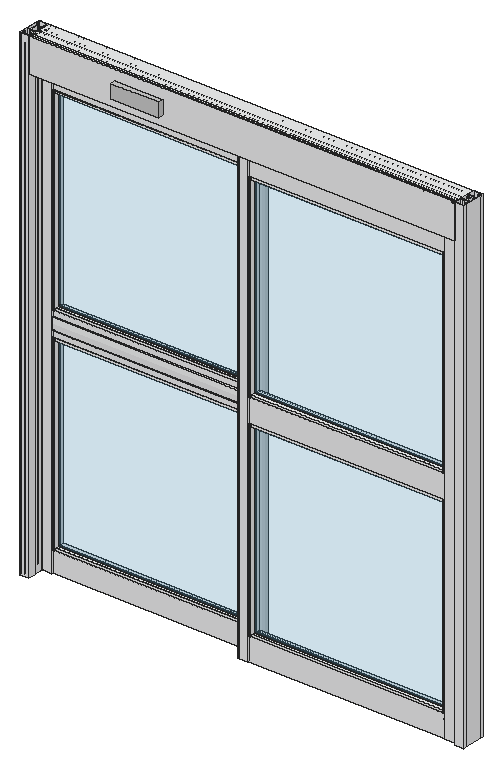
Revit family "2-5-4_Sliding-Door_TX9200SL_Single-LH-Outside-Slide-O-SX-Electric-Lock-Exit-Panic-Hardware_Tormax", category Doors, host Wall, Revit 2026
Family settings
  Host = Wall
  Classification Number = 23.30.10.00
  Always vertical = Yes
  Cut with Voids When Loaded = No
  Shared = No
  Room Calculation Point = No
Parameters (values of type "7'-0" Package Width")
  Width = 84"
  URL = "https://www.tormaxusa.com"
  Thickness = 4 1/2"  # constant formula
  Specification = "https://www.arcat.com/company/tormax-usa-inc-43969/spec"
  Rough Width = Width + 1/2"  # 84 1/2"
  Rough Height = Height + 1/4"  # 92 1/4"
  Product Page URL = "https://www.arcat.com/arcatcos/cos43/arc43969.html"
  Model = "TX9200SL"
  Manufacturer = "Tormax"
  Keynote = "08 42 29"
  Height = 92"  # constant formula
  Glass = Glass - Tormax
  Frame Projection Ext. = 0"
  Frame Projection Int. = 0"
  Frame Width = 0"
  Wall Closure = By host
  Door Width = Width / 2 - 1 3/4" + 1 5/16"  # 41 9/16"
  Door Height = Height  # 92"
  Frame Material = Aluminum - Tormax
  Description = "Single LH Outside Slide Application (O-SX) w/ Electric Lock & Flush Mount Exit Panic HDW, 7'-0\" Package Width"
  Define Thermal Properties by = Schematic Type
  Copyright = "ARCAT"
  CAD Details = "https://www.arcat.com/company/tormax-usa-inc-43969/cad"
  Analytic Construction = "<None>"
Reference planes (in)
  plane 1 "Center (Front/Back)": y = 0
  plane 2 "Center (Left/Right)": x = 0
  plane 3 "Left": x = -42.25
  plane 4 "Right": x = 42.25
  plane 5 "Top": z = 92.25
  plane 6 "Exterior": y = 3
  plane 7 "Interior": y = -3
  plane 8: x = -1.3125
  plane 9: x = 1.3125
  plane 10: y = -2.25
  plane 11 "4": z = 85.5
  plane 12: x = -42
  plane 13: x = 42
  plane 14: z = 92
  plane 15: y = 2.25
  plane 16: x = -40.24908
  plane 17: x = 40.24908
  plane 18: y = 1.433
  plane 19: y = -0.84
  plane 20: x = -19.46829
Forms (in)
  Extrusion 1, solid, material "Plastic - Tormax - Grey"
    sketch origin (0, 0, 0) x (1, 0, 0) y (0, 0, 1)
      loop
        line (-23.96829, 90.055) -> (-23.96829, 87.445) -> (-14.96829, 87.445) -> (-14.96829, 90.055) -> (-23.96829, 90.055)
    from 2.23457 to 3.23457
  Extrusion 2, solid, material "Plastic - Tormax - Grey"
    sketch origin (0, 0, 0) x (1, 0, 0) y (0, 0, 1)
      loop
        line (-23.96829, 90.055) -> (-23.96829, 87.445) -> (-14.96829, 87.445) -> (-14.96829, 90.055) -> (-23.96829, 90.055)
    from -3.23036 to -2.23036
  Sweep 3, solid, material "Aluminum - Tormax" <- "Frame Material"
    path origin (0, 0, 0) x (1, 0, 0) y (0, 0, 1)
      loop
        line (-40.24908, 85.5) -> (40.24908, 85.5)
    profile origin (0, 0, 85.5) x (0, 0, 1) y (0, -1, 0)
      loop
        line (6.5, 2.23457) -> (0, 2.23457) -> (0, -0.04489) -> (-0.21462, -0.04489) -> (-0.21462, -0.08837) -> (-0.15431, -0.08837) -> (-0.15431, -0.15851) -> (-0.48395, -0.15851) -> (-0.48395, -0.08837) -> (-0.42504, -0.08837) -> (-0.42504, -0.04489) -> (-0.62422, -0.04489) -> (-0.62422, -0.45028) -> (-0.42504, -0.45028) -> (-0.42504, -0.4068) -> (-0.48395, -0.4068) -> (-0.48395, -0.33666) -> (-0.15431, -0.33666) -> (-0.15431, -0.4068) -> (-0.21462, -0.4068) -> (-0.21462, -0.45028) -> (-0.01964, -0.45028) -> (-0.01964, -0.28897) -> (0.23145, -0.28897) -> (0.23145, -0.84785) -> (0.34867, -1.03258)
        arc (0.34867, -1.03258) -> (0.36443, -1.03854) -> (0.37455, -1.02507) r 0.01403
        line (0.37455, -1.02507) -> (0.37455, -0.21669)
        arc (0.37455, -0.21669) -> (0.40392, -0.14579) -> (0.47481, -0.11643) r 0.10026
        line (0.47481, -0.11643) -> (0.59196, -0.11643) -> (0.59196, -0.23145) -> (0.89635, -0.23145) -> (0.89635, -0.1529) -> (0.76309, -0.1529) -> (0.76309, -0.01262) -> (0.8697, -0.01262) -> (0.8697, 0.06867) -> (1.19934, 0.06867) -> (1.19934, -0.01262) -> (1.30595, -0.01262) -> (1.30595, -0.1529) -> (1.17269, -0.1529) -> (1.17269, -0.23145) -> (1.36206, -0.23145) -> (1.43332, -0.07864)
        arc (1.43332, -0.07864) -> (1.6158, 0.06179) -> (1.83569, -0.00654) r 0.25
        line (1.83569, -0.00654) -> (1.96422, -0.13365)
        arc (1.96422, -0.13365) -> (1.99627, -0.15695) -> (2.0338, -0.16963) r 0.13141
        line (2.0338, -0.16963) -> (2.11423, -0.18382)
        arc (2.11423, -0.18382) -> (2.2005, -0.23362) -> (2.23457, -0.32723) r 0.14562
        line (2.23457, -0.32723) -> (2.23457, -0.9202) -> (2.38466, -0.9202) -> (2.38466, 0.06733) -> (2.28156, 0.17043) -> (2.22615, 0.11502) -> (2.32086, 0.02032) -> (2.22127, -0.07928) -> (2.14619, -0.00421) -> (2.08868, -0.06172) -> (1.85512, 0.17184) -> (1.91264, 0.22935) -> (1.83689, 0.3051) -> (1.93648, 0.40469) -> (2.03117, 0.31001) -> (2.08658, 0.36541) -> (1.83128, 0.62071) -> (1.9456, 0.73504) -> (1.9456, 1.35354) -> (1.75483, 1.53331) -> (1.75483, 2.06344) -> (5.84651, 2.06344)
        arc (5.84651, 2.06344) -> (5.93664, 2.02611) -> (5.97397, 1.93598) r 0.12746
        line (5.97397, 1.93598) -> (5.97397, 1.7394) -> (6.05393, 1.7394) -> (6.05393, 1.87407) -> (6.1928, 1.87407) -> (6.1928, 1.76475) -> (6.24189, 1.76475) -> (6.24189, 1.43623) -> (6.1928, 1.43623) -> (6.1928, 1.3298) -> (6.05393, 1.3298) -> (6.05393, 1.46306) -> (5.97397, 1.46306) -> (5.97397, 1.25125) -> (6.27276, 1.25125) -> (6.27276, 1.32981)
        arc (6.27276, 1.32981) -> (6.30151, 1.35856) -> (6.33027, 1.32981) r 0.02876
        line (6.33027, 1.32981) -> (6.33027, 0.99434)
        arc (6.33027, 0.99434) -> (6.30151, 0.96559) -> (6.27276, 0.99434) r 0.02876
        line (6.27276, 0.99434) -> (6.27276, 1.0731) -> (5.97397, 1.0731) -> (5.97397, 0.85988) -> (6.05393, 0.85988) -> (6.05393, 0.99314) -> (6.1928, 0.99314) -> (6.1928, 0.88653) -> (6.33027, 0.88653) -> (6.33027, 0.55689) -> (6.1928, 0.55689) -> (6.1928, 0.45028) -> (6.05393, 0.45028) -> (6.05393, 0.58354) -> (5.97397, 0.58354) -> (5.97397, 0.37032) -> (6.27276, 0.37032) -> (6.27276, 0.44908)
        arc (6.27276, 0.44908) -> (6.30151, 0.47783) -> (6.33027, 0.44908) r 0.02876
        line (6.33027, 0.44908) -> (6.33027, 0.11503)
        arc (6.33027, 0.11503) -> (6.30151, 0.08627) -> (6.27276, 0.11503) r 0.02876
        line (6.27276, 0.11503) -> (6.27276, 0.19378) -> (5.97397, 0.19378) -> (5.97397, -0.01944) -> (6.05393, -0.01944) -> (6.05393, 0.11382) -> (6.1928, 0.11382) -> (6.1928, 0.00721) -> (6.33027, 0.00721) -> (6.33027, -0.32403) -> (6.1928, -0.32403) -> (6.1928, -0.42995) -> (6.05393, -0.42995) -> (6.05393, -0.29669) -> (5.97397, -0.29669) -> (5.97397, -0.53164) -> (6.03429, -0.53164) -> (6.03429, -0.64246) -> (6.11284, -0.64246) -> (6.11284, -0.53164) -> (6.25171, -0.53164) -> (6.25171, -1.15867) -> (6.06795, -1.15867) -> (6.03942, -1.11939) -> (5.97397, -1.11939) -> (5.97397, -1.1664)
        arc (5.97397, -1.1664) -> (5.95775, -1.20557) -> (5.91858, -1.22179) r 0.05539
        line (5.91858, -1.22179) -> (5.77619, -1.22179) -> (5.77619, -2.07466) -> (5.99221, -2.07466) -> (5.99221, -1.99751) -> (5.93513, -1.99751)
        arc (5.93513, -1.99751) -> (5.89217, -1.97971) -> (5.87438, -1.93675) r 0.06075
        line (5.87438, -1.93675) -> (5.87438, -1.35631) -> (6.14932, -1.35631) -> (6.14932, -1.4827) -> (6.22817, -1.4827)
        arc (6.22817, -1.4827) -> (6.39719, -1.79317) -> (6.34244, -2.14241) r 0.55026
        line (6.34244, -2.14241) -> (6.29099, -2.1562) -> (6.29099, -1.87738) -> (5.93246, -1.87738)
        arc (5.93246, -1.87738) -> (5.88314, -1.9267) -> (5.93246, -1.97602) r 0.04932
        line (5.93246, -1.97602) -> (6.03008, -1.97602) -> (6.03008, -2.10552) -> (0.40539, -2.10552) -> (0.40539, -1.68048) -> (0.28141, -1.68048) -> (0.28141, -2.23036) -> (6.5, -2.23036) -> (6.5, 1.72592) -> (6.37515, 1.85076) -> (6.37515, 2.08622)
        arc (6.37515, 2.08622) -> (6.39129, 2.10725) -> (6.41577, 2.09711) r 0.02177
        line (6.41577, 2.09711) -> (6.47243, 1.99896)
        arc (6.47243, 1.99896) -> (6.48905, 1.99208) -> (6.5, 2.00635) r 0.01477
        line (6.5, 2.00635) -> (6.5, 2.23457)
      loop
        line (0.30619, 2.06344) -> (0.30619, 1.97106) -> (0.26091, 1.94734) -> (0.26091, 1.86565) -> (0.07995, 1.86565) -> (0.07995, 0.39978) -> (0.26091, 0.39978) -> (0.26091, 0.28335) -> (0.3058, 0.2539) -> (0.3058, 0.03421) -> (0.47711, 0.03365) -> (0.7408, 0.21838) -> (1.4982, 0.21838) -> (1.69036, 0.25479) -> (1.69036, 0.66367) -> (1.33962, 0.66367) -> (1.33962, 0.89776) -> (1.41957, 0.89776) -> (1.41957, 0.76309) -> (1.55985, 0.76309) -> (1.55985, 0.8711) -> (1.75062, 0.8711) -> (1.75062, 1.20075) -> (1.55985, 1.20075) -> (1.55985, 1.30735) -> (1.41957, 1.30735) -> (1.41957, 1.17409) -> (1.33962, 1.17409) -> (1.33962, 1.38773) -> (1.5851, 1.38773) -> (1.5851, 2.06344) -> (0.30619, 2.06344)
      loop
        line (2.37204, -1.16007) -> (0.00631, -1.16007) -> (0.00631, -0.61019) -> (-0.98473, -0.61019) -> (-0.98473, -1.53213)
        arc (-0.98473, -1.53213) -> (-0.9181, -1.59876) -> (-0.85147, -1.53213) r 0.06663
        line (-0.85147, -1.53213) -> (-0.85147, -1.2004)
        arc (-0.85147, -1.2004) -> (-0.77362, -1.12255) -> (-0.69577, -1.2004) r 0.07785
        line (-0.69577, -1.2004) -> (-0.69577, -1.68329) -> (-0.67052, -1.92596) -> (-0.67052, -2.10973) -> (0.00561, -2.10973) -> (0.00561, -1.55985) -> (2.37204, -1.55985)
        arc (2.37204, -1.55985) -> (2.41952, -1.67959) -> (2.53701, -1.73239) r 0.17128
        line (2.53701, -1.73239) -> (2.78024, -1.73239) -> (2.78024, -1.49813) -> (2.70028, -1.49813) -> (2.70028, -1.63279) -> (2.56141, -1.63279) -> (2.56141, -1.52478) -> (2.46883, -1.52478) -> (2.46883, -1.19514) -> (2.56141, -1.19514) -> (2.56141, -1.08853) -> (2.70028, -1.08853) -> (2.70028, -1.22179) -> (2.78024, -1.22179) -> (2.78024, -0.98753) -> (2.53714, -0.98753)
        arc (2.53714, -0.98753) -> (2.41956, -1.04028) -> (2.37204, -1.16007) r 0.17128
  Sweep 4, solid, material "Aluminum - Tormax" <- "Frame Material"
    path origin (0, 0, 0) x (1, 0, 0) y (0, 0, 1)
      loop
        line (-42, 92) -> (-42, 0)
    profile origin (-42, 0, 46) x (0, -1, 0) y (1, 0, 0)
      loop
        line (-2.12383, 1.62444) -> (-1.01125, 1.62444)
        arc (-1.01125, 1.62444) -> (-0.97854, 1.4893) -> (-0.88136, 1.38986) r 0.2623
        line (-0.88136, 1.38986) -> (-0.88136, 0.87481)
        arc (-0.88136, 0.87481) -> (-0.81729, 0.72014) -> (-0.66261, 0.65607) r 0.21875
        line (-0.66261, 0.65607) -> (0.66817, 0.65607)
        arc (0.66817, 0.65607) -> (0.82039, 0.71912) -> (0.88344, 0.87134) r 0.21527
        line (0.88344, 0.87134) -> (0.88344, 1.39109)
        arc (0.88344, 1.39109) -> (0.97912, 1.49036) -> (1.01125, 1.62444) r 0.2623
        line (1.01125, 1.62444) -> (2.12383, 1.62444) -> (2.12383, 0.12472) -> (1.89951, 0.12472)
        arc (1.89951, 0.12472) -> (1.86945, 0.1699) -> (1.81808, 0.18738) r 0.08425
        line (1.81808, 0.18738) -> (1.71377, 0.18738)
        arc (1.71377, 0.18738) -> (1.69848, 0.15137) -> (1.70714, 0.11322) r 0.06366
        line (1.70714, 0.11322) -> (1.80734, 0.11322) -> (1.80734, 0) -> (2.25, 0) -> (2.25, 1.75092) -> (0.85905, 1.75092) -> (0.85905, 1.49159) -> (0.72205, 1.49159) -> (0.72205, 1.6564) -> (0.66591, 1.6564) -> (0.66591, 1.42631) -> (0.75855, 1.42631) -> (0.75855, 0.87892)
        arc (0.75855, 0.87892) -> (0.72992, 0.80981) -> (0.6608, 0.78118) r 0.09775
        line (0.6608, 0.78118) -> (-0.65544, 0.78118)
        arc (-0.65544, 0.78118) -> (-0.72688, 0.81077) -> (-0.75647, 0.88221) r 0.10104
        line (-0.75647, 0.88221) -> (-0.75647, 1.42631) -> (-0.65809, 1.42631) -> (-0.65809, 1.65835) -> (-0.72205, 1.65835) -> (-0.72205, 1.49159) -> (-0.85868, 1.49159) -> (-0.85868, 1.75092) -> (-2.25, 1.75092) -> (-2.25, 0) -> (-1.81515, 0) -> (-1.81515, 0.11322) -> (-1.69933, 0.11322)
        arc (-1.69933, 0.11322) -> (-1.69067, 0.15137) -> (-1.70596, 0.18738) r 0.06366
        line (-1.70596, 0.18738) -> (-1.81808, 0.18738)
        arc (-1.81808, 0.18738) -> (-1.86945, 0.1699) -> (-1.89951, 0.12472) r 0.08425
        line (-1.89951, 0.12472) -> (-2.12383, 0.12472) -> (-2.12383, 1.62444)
      loop
        line (-1.77192, 0) -> (1.76565, 0) -> (1.76565, 0.07235) -> (1.60504, 0.07235) -> (1.60504, 0.18932) -> (1.6607, 0.18932) -> (1.59241, 0.37695)
        arc (1.59241, 0.37695) -> (1.54664, 0.39829) -> (1.52529, 0.35252) r 0.03571
        line (1.52529, 0.35252) -> (1.57291, 0.22167) -> (1.53738, 0.20277) -> (1.53738, 0.07235) -> (0.63819, 0.07235) -> (0.63819, 0.55414) -> (0.55418, 0.55414) -> (0.55418, 0.07235) -> (-1.53738, 0.07235) -> (-1.53738, 0.20277) -> (-1.57291, 0.22167) -> (-1.52529, 0.35252)
        arc (-1.52529, 0.35252) -> (-1.54664, 0.39829) -> (-1.59241, 0.37695) r 0.03571
        line (-1.59241, 0.37695) -> (-1.6607, 0.18932) -> (-1.60504, 0.18932) -> (-1.60504, 0.07235) -> (-1.77192, 0.07235) -> (-1.77192, 0)
      loop
        line (-0.57123, 1.42631) -> (-0.50727, 1.42631) -> (-0.50727, 1.69246) -> (0.50727, 1.69246) -> (0.50727, 1.42631) -> (0.57123, 1.42631) -> (0.57123, 1.69246) -> (0.72205, 1.69246) -> (0.72205, 1.75092) -> (-0.72205, 1.75092) -> (-0.72205, 1.69246) -> (-0.57123, 1.69246) -> (-0.57123, 1.42631)
  Sweep 5, solid, material "Aluminum - Tormax" <- "Frame Material"
    path origin (0, 0, 0) x (-1, 0, 0) y (0, 0, -1)
      loop
        line (-42, -92) -> (-42, 0)
    profile origin (42, 0, 46) x (0, -1, 0) y (1, 0, 0)
      loop
        line (-2.12383, -1.62444) -> (-2.12383, -0.12472) -> (-1.89951, -0.12472)
        arc (-1.89951, -0.12472) -> (-1.86945, -0.1699) -> (-1.81808, -0.18738) r 0.08425
        line (-1.81808, -0.18738) -> (-1.70596, -0.18738)
        arc (-1.70596, -0.18738) -> (-1.69067, -0.15137) -> (-1.69933, -0.11322) r 0.06366
        line (-1.69933, -0.11322) -> (-1.81515, -0.11322) -> (-1.81515, 0) -> (-2.25, 0) -> (-2.25, -1.75092) -> (-0.85868, -1.75092) -> (-0.85868, -1.49159) -> (-0.72205, -1.49159) -> (-0.72205, -1.65835) -> (-0.65809, -1.65835) -> (-0.65809, -1.42631) -> (-0.75647, -1.42631) -> (-0.75647, -0.88221)
        arc (-0.75647, -0.88221) -> (-0.72688, -0.81077) -> (-0.65544, -0.78118) r 0.10104
        line (-0.65544, -0.78118) -> (0.6608, -0.78118)
        arc (0.6608, -0.78118) -> (0.72992, -0.80981) -> (0.75855, -0.87892) r 0.09775
        line (0.75855, -0.87892) -> (0.75855, -1.42631) -> (0.66591, -1.42631) -> (0.66591, -1.6564) -> (0.72205, -1.6564) -> (0.72205, -1.49159) -> (0.85905, -1.49159) -> (0.85905, -1.75092) -> (2.25, -1.75092) -> (2.25, 0) -> (1.80734, 0) -> (1.80734, -0.11322) -> (1.70714, -0.11322)
        arc (1.70714, -0.11322) -> (1.69848, -0.15137) -> (1.71377, -0.18738) r 0.06366
        line (1.71377, -0.18738) -> (1.81808, -0.18738)
        arc (1.81808, -0.18738) -> (1.86945, -0.1699) -> (1.89951, -0.12472) r 0.08425
        line (1.89951, -0.12472) -> (2.12383, -0.12472) -> (2.12383, -1.62444) -> (1.01125, -1.62444)
        arc (1.01125, -1.62444) -> (0.97912, -1.49036) -> (0.88344, -1.39109) r 0.2623
        line (0.88344, -1.39109) -> (0.88344, -0.87134)
        arc (0.88344, -0.87134) -> (0.82039, -0.71912) -> (0.66817, -0.65607) r 0.21527
        line (0.66817, -0.65607) -> (-0.66261, -0.65607)
        arc (-0.66261, -0.65607) -> (-0.81729, -0.72014) -> (-0.88136, -0.87481) r 0.21875
        line (-0.88136, -0.87481) -> (-0.88136, -1.38986)
        arc (-0.88136, -1.38986) -> (-0.97854, -1.4893) -> (-1.01125, -1.62444) r 0.2623
        line (-1.01125, -1.62444) -> (-2.12383, -1.62444)
      loop
        line (-1.77192, 0) -> (-1.77192, -0.07235) -> (-1.60504, -0.07235) -> (-1.60504, -0.18932) -> (-1.6607, -0.18932) -> (-1.59241, -0.37695)
        arc (-1.59241, -0.37695) -> (-1.54664, -0.39829) -> (-1.52529, -0.35252) r 0.03571
        line (-1.52529, -0.35252) -> (-1.57291, -0.22167) -> (-1.53738, -0.20277) -> (-1.53738, -0.07235) -> (0.55418, -0.07235) -> (0.55418, -0.55414) -> (0.63819, -0.55414) -> (0.63819, -0.07235) -> (1.53738, -0.07235) -> (1.53738, -0.20277) -> (1.57291, -0.22167) -> (1.52529, -0.35252)
        arc (1.52529, -0.35252) -> (1.54664, -0.39829) -> (1.59241, -0.37695) r 0.03571
        line (1.59241, -0.37695) -> (1.6607, -0.18932) -> (1.60504, -0.18932) -> (1.60504, -0.07235) -> (1.76565, -0.07235) -> (1.76565, 0) -> (-1.77192, 0)
      loop
        line (-0.57123, -1.42631) -> (-0.57123, -1.69246) -> (-0.72205, -1.69246) -> (-0.72205, -1.75092) -> (0.72205, -1.75092) -> (0.72205, -1.69246) -> (0.57123, -1.69246) -> (0.57123, -1.42631) -> (0.50727, -1.42631) -> (0.50727, -1.69246) -> (-0.50727, -1.69246) -> (-0.50727, -1.42631) -> (-0.57123, -1.42631)
Lines and regions (in)
  Opening 1
    outline origin (-90, -3, 0) x (1, 0, 0) y (0, 0, 1)
      loop
        line (47.75, 0) -> (132.25, 0) -> (132.25, 92.25) -> (47.75, 92.25) -> (47.75, 0)
  symbolic lines, not visible
    curve 1: line (-27.55636, -4.55425, 0) -> (-26.25733, -3.80425, 0)
    curve 2: line (-27.55636, -4.55425, 0) -> (-26.25733, -5.30425, 0)
    curve 3: line (-27.55636, -4.55425, 0) -> (-24.55636, -4.55425, 0)
    curve 4: line (-24.55636, -4.55425, 0) -> (-21.55636, -4.55425, 0)
    curve 7: line (22.54055, 0, 51.7829) -> (25.54055, 0, 51.7829)
    curve 8: line (25.54055, 0, 51.7829) -> (28.54055, 0, 51.7829)
    curve 21: line (28.54055, 0, 51.7829) -> (27.24151, 0, 52.5329)
    curve 22: line (28.54055, 0, 51.7829) -> (27.24151, 0, 51.0329)
  symbolic lines
    curve 5: line (-22.46829, 0, 48.75) -> (-19.46829, 0, 48.75)
    curve 6: line (-19.46829, 0, 48.75) -> (-16.46829, 0, 48.75)
    curve 9: arc (-42.25, 2.25, 0) -> (-42.125, 2.20201, 0) -> (-42, 2.25, 0) r 0.1868
    curve 10: arc (-42.25, -2.25, 0) -> (-42.125, -2.20201, 0) -> (-42, -2.25, 0) r 0.1868
    curve 11: arc (42.25, 2.25, 0) -> (42.125, 2.20201, 0) -> (42, 2.25, 0) r 0.1868
    curve 12: arc (42.25, -2.25, 0) -> (42.125, -2.20201, 0) -> (42, -2.25, 0) r 0.1868
    curve 13: arc (0, -2.25, 92.25) -> (0, -2.20222, 92.125) -> (0, -2.25, 92) r 0.18739
    curve 14: arc (0, 2.25, 92.25) -> (0, 2.20222, 92.125) -> (0, 2.25, 92) r 0.18739
    curve 15: line (-16.46829, 6.25114, 0) -> (-17.76733, 7.00114, 0)
    curve 16: line (-16.46829, 6.25114, 0) -> (-17.76733, 5.50114, 0)
    curve 17: line (-16.46829, 6.25114, 0) -> (-19.46829, 6.25114, 0)
    curve 18: line (-19.46829, 6.25114, 0) -> (-22.46829, 6.25114, 0)
    curve 19: line (-16.46829, 0, 48.75) -> (-17.76733, 0, 49.5)
    curve 20: line (-16.46829, 0, 48.75) -> (-17.76733, 0, 48)
Text (in)
  text "Exterior" at (-113.21489, 18.10183, 0), in view "Ref. Level"
  text "Interior" at (-113.21489, -11.36704, 0), in view "Ref. Level"
  text "Exterior" at (0, 40.15149, 123.01588), in view "Right"
  text "Interior" at (0, -64.39139, 123.01588), in view "Right"
  text "Interior" at (0, -31.01599, 123.00693), in view "Left"
  text "Exterior" at (0, 54.57065, 123.00693), in view "Left"
Dimensions and locks (in)
  "Rough Height": host wall to plane 5 "Top"
  equal spacing: plane 3 "Left", plane 2 "Center (Left/Right)", plane 4 "Right"
  level to plane 5 "Top" = 92 1/4"
  "Rough Width": plane 3 "Left" to plane 4 "Right"
  equal spacing: plane 12, plane 2 "Center (Left/Right)", plane 13
  "Width": plane 12 to plane 13
  "Door Height": plane 14 to level
  plane 14 to plane 11 "4" = 6 1/2"
  plane 11 "4" to level = 85 1/2"
  locked: plane 12 to plane 16 at 1.75092
  locked: plane 17 to plane 13 at 1.75092
  equal spacing: plane 8, plane 2 "Center (Left/Right)", plane 9
  locked: plane 8 to plane 9 at 2.625
  plane 2 "Center (Left/Right)" to plane 9 = 1 5/16"
  locked: plane 10 to plane 19 at 1.41
  locked: plane 18 to plane 15 at 0.817
  Extrusion 1 sketch curve to plane 20 to Extrusion 1 sketch curve = 4 1/2" locked, 4 1/2" locked
  Extrusion 1 sketch curve to Extrusion 1 sketch curve to plane 11 "4" = 2.61" locked, 1.945" locked
  Extrusion 2 sketch curve to Extrusion 2 sketch curve = 9"
  locked: Extrusion 2 sketch curve to Extrusion 2 sketch curve at 2.61
  Extrusion 1 to plane 10 = 0.98457"
  plane 15 to Extrusion 2 = 0.98036"
  equal spacing: plane 16, plane 20, plane 9
  locked: curve 18 to plane 15 at 4.00114
  locked: Extrusion 2 to plane 15 at 0.98036
  locked: plane 10 to Extrusion 1 at 0.98457
  aligned and locked: Opening 1 sketch curve to level
  aligned and locked: plane 6 "Exterior" to host wall
  aligned and locked: plane 7 "Interior" to host wall
  aligned and locked: Opening 1 sketch curve to plane 3 "Left"
  aligned and locked: Opening 1 sketch curve to plane 4 "Right"
  aligned and locked: plane 5 "Top" to Opening 1 sketch curve
  aligned and locked: plane 3 "Left" to curve 9
  aligned and locked: plane 15 to curve 9  (x2)
  aligned and locked: plane 12 to curve 9
  aligned and locked: plane 10 to curve 10  (x2)
  aligned and locked: plane 12 to curve 10
  aligned and locked: plane 3 "Left" to curve 10
  aligned and locked: plane 13 to curve 11
  aligned and locked: plane 4 "Right" to curve 11
  aligned and locked: plane 15 to curve 11  (x2)
  aligned and locked: plane 10 to curve 12  (x2)
  aligned and locked: plane 13 to curve 12
  aligned and locked: plane 4 "Right" to curve 12
  aligned and locked: plane 5 "Top" to curve 13
  aligned and locked: plane 14 to curve 13
  aligned and locked: plane 10 to curve 13  (x2)
  aligned and locked: plane 5 "Top" to curve 14
  aligned and locked: plane 15 to curve 14  (x2)
  aligned and locked: plane 14 to curve 14
  aligned and locked: plane 20 to curve 6
  aligned and locked: plane 14 to Sweep 3 sketch curve
  aligned and locked: plane 11 "4" to Sweep 3 sketch curve
  aligned and locked: Sweep 5 sketch curve to plane 13
  aligned and locked: plane 14 to Sweep 5 sketch curve
  aligned and locked: plane 17 to Sweep 5 sketch curve  (x3)
  aligned and locked: plane 13 to Sweep 5 sketch curve  (x3)
  aligned and locked: plane 16 to nested 2
  aligned and locked: plane 17 to nested 1
Automatic sketch dimensions
  curve 1 to curve 2 = 0"
  curve 2 to curve 3 = 1.70096"
  curve 2 to curve 1 = 1 1/2"
  curve 1 to curve 4 = 3"
  curve 3 to curve 4 = 3"
  curve 2 to curve 1 = 3/4"
  Extrusion 2 sketch curve to plane 11 "4" = 1.945"
  plane 20 to Extrusion 2 sketch curve = 4 1/2"
  Sweep 3 sketch curve to plane 11 "4" = 0"
  Sweep 3 sketch curve to plane 16 = 0"
  plane 17 to Sweep 3 sketch curve = 0"
  profile plane to Sweep 3 sketch curve = 0.01964"
  profile plane to Sweep 3 sketch curve = 0.15431"
  Sweep 3 sketch curve to Sweep 3 sketch curve = 0.13466"  (x3)
  Sweep 3 sketch curve to Sweep 3 sketch curve = 0.06032"  (x3)
  Sweep 3 sketch curve to plane 1 "Center (Front/Back)" = 0.08837"
  Sweep 3 sketch curve to Sweep 3 sketch curve = 0.21041"  (x2)
  Sweep 3 sketch curve to Sweep 3 sketch curve = 0.05891"  (x2)
  Sweep 3 sketch curve to Sweep 3 sketch curve = 0.14027"  (x2)
  profile plane to Sweep 3 sketch curve = 0.67052"
  profile plane to Sweep 3 sketch curve = 0.69577"
  Sweep 3 sketch curve to Sweep 3 sketch curve = 0.07785"
  Sweep 3 sketch curve to Sweep 3 sketch curve = 0.06663"
  Sweep 3 sketch curve to profile plane = 0.00561"
  Sweep 3 sketch curve to profile plane = 0.00631"
  Sweep 3 sketch curve to profile plane = 0.07995"  (x2)
  Sweep 3 sketch curve to profile plane = 0.23145"
  Sweep 3 sketch curve to Sweep 3 sketch curve = 0.18095"  (x2)
  Sweep 3 sketch curve to profile plane = 0.28141"
  Sweep 3 sketch curve to Sweep 3 sketch curve = 0.04489"
  Sweep 3 sketch curve to Sweep 3 sketch curve = 0.04528"
  Sweep 3 sketch curve to Sweep 3 sketch curve = 0.11722"
  Sweep 3 sketch curve to Sweep 3 sketch curve = 0.01185"
  Sweep 3 sketch curve to Sweep 3 sketch curve = 0.01403"
  Sweep 3 sketch curve to Sweep 3 sketch curve = 0.12398"
  Sweep 3 sketch curve to Sweep 3 sketch curve = 0.10026"
  plane 1 "Center (Front/Back)" to Sweep 3 sketch curve = 0.03365"
  Sweep 3 sketch curve to Sweep 3 sketch curve = 0.0023"
  Sweep 3 sketch curve to Sweep 3 sketch curve = 0.11715"
  Sweep 3 sketch curve to Sweep 3 sketch curve = 0.26369"
  Sweep 3 sketch curve to Sweep 3 sketch curve = 0.17113"
  Sweep 3 sketch curve to plane 1 "Center (Front/Back)" = 0.01262"  (x2)
  Sweep 3 sketch curve to Sweep 3 sketch curve = 0.10661"  (x2)
  Sweep 3 sketch curve to Sweep 3 sketch curve = 0.13326"  (x8)
  Sweep 3 sketch curve to Sweep 3 sketch curve = 0.27634"  (x5)
  Sweep 3 sketch curve to Sweep 3 sketch curve = 0.02665"  (x3)
  Sweep 3 sketch curve to Sweep 3 sketch curve = 0"  (x9)
  Sweep 3 sketch curve to plane 1 "Center (Front/Back)" = 0.23145"  (x2)
  Sweep 3 sketch curve to Sweep 3 sketch curve = 0.05611"
  Sweep 3 sketch curve to Sweep 3 sketch curve = 0.07996"  (x17)
  Sweep 3 sketch curve to plane 1 "Center (Front/Back)" = 0.07864"
  Sweep 3 sketch curve to Sweep 3 sketch curve = 0.12737"
  plane 1 "Center (Front/Back)" to Sweep 3 sketch curve = 0.21838"
  Sweep 3 sketch curve to Sweep 3 sketch curve = 0.19224"
  Sweep 3 sketch curve to Sweep 3 sketch curve = 0.14028"  (x2)
  Sweep 3 sketch curve to Sweep 3 sketch curve = 0.02525"
  Sweep 3 sketch curve to Sweep 3 sketch curve = 29/128"
  Sweep 3 sketch curve to Sweep 3 sketch curve = 0.13051"
  Sweep 3 sketch curve to Sweep 3 sketch curve = 0.19077"
  Sweep 3 sketch curve to Sweep 3 sketch curve = 0.16973"
  plane 1 "Center (Front/Back)" to Sweep 3 sketch curve = 0.62071"
  Sweep 3 sketch curve to Sweep 3 sketch curve = 0.14093"
  Sweep 3 sketch curve to plane 1 "Center (Front/Back)" = 0.00654"
  Sweep 3 sketch curve to Sweep 3 sketch curve = 45/256"
  Sweep 3 sketch curve to Sweep 3 sketch curve = 0.14653"
  plane 1 "Center (Front/Back)" to Sweep 3 sketch curve = 0.17184"
  Sweep 3 sketch curve to Sweep 3 sketch curve = 0.01823"
  plane 1 "Center (Front/Back)" to Sweep 3 sketch curve = 0.22935"
  Sweep 3 sketch curve to Sweep 3 sketch curve = 0.05751"
  plane 1 "Center (Front/Back)" to Sweep 3 sketch curve = 0.40469"
  Sweep 3 sketch curve to Sweep 3 sketch curve = 0.19498"
  Sweep 3 sketch curve to plane 1 "Center (Front/Back)" = 0.13365"
  Sweep 3 sketch curve to Sweep 3 sketch curve = 0.12852"
  plane 1 "Center (Front/Back)" to Sweep 3 sketch curve = 0.31001"
  Sweep 3 sketch curve to plane 1 "Center (Front/Back)" = 0.16963"
  Sweep 3 sketch curve to Sweep 3 sketch curve = 0.06959"
  Sweep 3 sketch curve to plane 1 "Center (Front/Back)" = 0.04022"
  Sweep 3 sketch curve to plane 1 "Center (Front/Back)" = 0.06172"
  Sweep 3 sketch curve to Sweep 3 sketch curve = 0.05514"
  Sweep 3 sketch curve to plane 1 "Center (Front/Back)" = 0.18382"
  Sweep 3 sketch curve to Sweep 3 sketch curve = 0.08043"
  Sweep 3 sketch curve to plane 1 "Center (Front/Back)" = 0.00421"
  Sweep 3 sketch curve to plane 1 "Center (Front/Back)" = 0.07928"
  plane 1 "Center (Front/Back)" to Sweep 3 sketch curve = 0.11502"
  Sweep 3 sketch curve to Sweep 3 sketch curve = 0.14562"
  plane 1 "Center (Front/Back)" to Sweep 3 sketch curve = 0.17043"
  Sweep 3 sketch curve to Sweep 3 sketch curve = 0.13747"  (x2)
  Sweep 3 sketch curve to Sweep 3 sketch curve = 0.15009"
  Sweep 3 sketch curve to Sweep 3 sketch curve = 0.09679"
  Sweep 3 sketch curve to Sweep 3 sketch curve = 0.06818"
  Sweep 3 sketch curve to Sweep 3 sketch curve = 0.15248"
  Sweep 3 sketch curve to Sweep 3 sketch curve = 0.07449"  (x2)
  Sweep 3 sketch curve to Sweep 3 sketch curve = 0.01809"  (x2)
  Sweep 3 sketch curve to Sweep 3 sketch curve = 0.13887"  (x8)
  Sweep 3 sketch curve to Sweep 3 sketch curve = 0.72381"
  Sweep 3 sketch curve to Sweep 3 sketch curve = 0.65349"
  Sweep 3 sketch curve to Sweep 3 sketch curve = 0.07881"
  Sweep 3 sketch curve to Sweep 3 sketch curve = 0.01938"
  Sweep 3 sketch curve to Sweep 3 sketch curve = 0.1424"
  Sweep 3 sketch curve to Sweep 3 sketch curve = 0.05808"
  Sweep 3 sketch curve to Sweep 3 sketch curve = 0.00267"
  Sweep 3 sketch curve to Sweep 3 sketch curve = 0.05539"
  Sweep 3 sketch curve to Sweep 3 sketch curve = 0.52603"
  Sweep 3 sketch curve to plane 1 "Center (Front/Back)" = 0.01944"
  Sweep 3 sketch curve to Sweep 3 sketch curve = 0.12746"
  Sweep 3 sketch curve to Sweep 3 sketch curve = 0.05708"
  Sweep 3 sketch curve to Sweep 3 sketch curve = 0.03787"
  Sweep 3 sketch curve to plane 1 "Center (Front/Back)" = 1.11939"
  Sweep 3 sketch curve to Sweep 3 sketch curve = 0.06545"
  Sweep 3 sketch curve to Sweep 3 sketch curve = 0.02854"
  Sweep 3 sketch curve to Sweep 3 sketch curve = 0.07855"  (x4)
  Sweep 3 sketch curve to Sweep 3 sketch curve = 0.08136"
  plane 1 "Center (Front/Back)" to Sweep 3 sketch curve = 0.00721"
  Sweep 3 sketch curve to Sweep 3 sketch curve = 0.07885"
  Sweep 3 sketch curve to Sweep 3 sketch curve = 0.0491"
  Sweep 3 sketch curve to Sweep 3 sketch curve = 0.05892"
  Sweep 3 sketch curve to plane 1 "Center (Front/Back)" = 2.1562"
  Sweep 3 sketch curve to Sweep 3 sketch curve = 0.20901"
  Sweep 3 sketch curve to Sweep 3 sketch curve = 0.02876"  (x2)
  Sweep 3 sketch curve to plane 1 "Center (Front/Back)" = 2.14241"
  Sweep 3 sketch curve to Sweep 3 sketch curve = 0.05145"
  plane 1 "Center (Front/Back)" to Sweep 3 sketch curve = 1.85076"
  Sweep 3 sketch curve to Sweep 3 sketch curve = 0.02177"
  plane 1 "Center (Front/Back)" to Sweep 3 sketch curve = 2.09711"
  Sweep 3 sketch curve to Sweep 3 sketch curve = 0.01885"
  plane 1 "Center (Front/Back)" to Sweep 3 sketch curve = 1.99896"
  Sweep 3 sketch curve to Sweep 3 sketch curve = 0.05666"
  Sweep 3 sketch curve to Sweep 3 sketch curve = 0.01279"
  Sweep 3 sketch curve to Sweep 3 sketch curve = 0.08423"
  Sweep 3 sketch curve to Sweep 3 sketch curve = 0.08795"
  Sweep 3 sketch curve to Sweep 3 sketch curve = 0.12064"
  Sweep 3 sketch curve to Sweep 3 sketch curve = 0.05068"
  Sweep 3 sketch curve to Sweep 3 sketch curve = 0.03086"
  Sweep 3 sketch curve to Sweep 3 sketch curve = 0.07715"
  Sweep 3 sketch curve to Sweep 3 sketch curve = 0.02148"
  Sweep 3 sketch curve to Sweep 3 sketch curve = 0.01005"
  Sweep 3 sketch curve to Sweep 3 sketch curve = 0.18376"
  Sweep 3 sketch curve to Sweep 3 sketch curve = 0.04966"
  Sweep 3 sketch curve to Sweep 3 sketch curve = 1.40516"
  Sweep 3 sketch curve to Sweep 3 sketch curve = 0.24267"
  Sweep 3 sketch curve to Sweep 3 sketch curve = 0.42503"
  Sweep 3 sketch curve to Sweep 3 sketch curve = 0.09959"
  Sweep 3 sketch curve to Sweep 3 sketch curve = 0.07158"
  Sweep 3 sketch curve to Sweep 3 sketch curve = 0.15116"
  Sweep 3 sketch curve to Sweep 3 sketch curve = 0.03644"  (x2)
  Sweep 3 sketch curve to Sweep 3 sketch curve = 0.12639"
  Sweep 3 sketch curve to Sweep 3 sketch curve = 0.1024"
  Sweep 3 sketch curve to Sweep 3 sketch curve = 0.33173"
  Sweep 3 sketch curve to Sweep 3 sketch curve = 0.03507"
  Sweep 3 sketch curve to Sweep 3 sketch curve = 0.03928"
  Sweep 3 sketch curve to Sweep 3 sketch curve = 0.07017"
  Sweep 3 sketch curve to Sweep 3 sketch curve = 0.12748"
  Sweep 3 sketch curve to Sweep 3 sketch curve = 0.06733"
  Sweep 3 sketch curve to Sweep 3 sketch curve = 0.18473"
  Sweep 3 sketch curve to Sweep 3 sketch curve = 0.47693"
  Sweep 3 sketch curve to Sweep 3 sketch curve = 0.59021"
  Sweep 3 sketch curve to Sweep 3 sketch curve = 0.11082"
  Sweep 3 sketch curve to Sweep 3 sketch curve = 0.15991"
  Sweep 3 sketch curve to Sweep 3 sketch curve = 0.10169"
  Sweep 3 sketch curve to Sweep 3 sketch curve = 0.04348"  (x2)
  Sweep 3 sketch curve to Sweep 3 sketch curve = 0.07014"  (x2)
  Sweep 3 sketch curve to Sweep 3 sketch curve = 0.10591"
  Sweep 3 sketch curve to Sweep 3 sketch curve = 0.04769"
  Sweep 3 sketch curve to Sweep 3 sketch curve = 0.01476"
  Sweep 3 sketch curve to plane 1 "Center (Front/Back)" = 0.15851"
  Sweep 3 sketch curve to Sweep 3 sketch curve = 0.04349"  (x2)
  plane 1 "Center (Front/Back)" to Sweep 3 sketch curve = 0.03421"
  plane 1 "Center (Front/Back)" to Sweep 3 sketch curve = 0.06867"
  plane 1 "Center (Front/Back)" to Sweep 3 sketch curve = 0.11382"
  Sweep 3 sketch curve to Sweep 3 sketch curve = 0.10781"
  Sweep 3 sketch curve to Sweep 3 sketch curve = 0.07876"  (x2)
  Sweep 3 sketch curve to Sweep 3 sketch curve = 0.21969"
  Sweep 3 sketch curve to Sweep 3 sketch curve = 0.0503"
  Sweep 3 sketch curve to Sweep 3 sketch curve = 0.02946"
  Sweep 3 sketch curve to Sweep 3 sketch curve = 0.17654"
  Sweep 3 sketch curve to Sweep 3 sketch curve = 0.11643"
  Sweep 3 sketch curve to Sweep 3 sketch curve = 0.44529"
  Sweep 3 sketch curve to Sweep 3 sketch curve = 0.09942"
  Sweep 3 sketch curve to Sweep 3 sketch curve = 0.20743"
  Sweep 3 sketch curve to Sweep 3 sketch curve = 0.0012"
  Sweep 3 sketch curve to Sweep 3 sketch curve = 0.32964"
  Sweep 3 sketch curve to Sweep 3 sketch curve = 0.17815"
  Sweep 3 sketch curve to Sweep 3 sketch curve = 0.07856"
  Sweep 3 sketch curve to Sweep 3 sketch curve = 0.15279"
  Sweep 3 sketch curve to Sweep 3 sketch curve = 0.08038"
  Sweep 3 sketch curve to Sweep 3 sketch curve = 0.10643"
  Sweep 3 sketch curve to Sweep 3 sketch curve = 0.14557"
  Sweep 3 sketch curve to Sweep 3 sketch curve = 0.12485"
  Sweep 3 sketch curve to Sweep 3 sketch curve = 0.08601"
  Sweep 3 sketch curve to Sweep 3 sketch curve = 0.47792"
  Sweep 3 sketch curve to Sweep 3 sketch curve = 0.10932"
  Sweep 3 sketch curve to Sweep 3 sketch curve = 0.06191"
  Sweep 3 sketch curve to Sweep 3 sketch curve = 0.08169"
  Sweep 3 sketch curve to Sweep 3 sketch curve = 0.02372"
  Sweep 3 sketch curve to Sweep 3 sketch curve = 0.09238"
  Sweep 3 sketch curve to Sweep 3 sketch curve = 0.13746"
  Sweep 5 sketch curve to level = 0"
  curve 15 to curve 16 = 0"
  curve 16 to curve 17 = 1.70096"
  curve 15 to curve 16 = 1 1/2"
  curve 15 to curve 18 = 3"
  curve 17 to curve 18 = 3"
  curve 15 to curve 16 = 3/4"
  plane 10 to curve 10 = 0.13881"
  plane 10 to curve 12 = 0.13881"
  curve 11 to plane 15 = 0.13881"
  curve 9 to plane 15 = 0.13881"
  plane 10 to curve 13 = 0.1396"
  curve 14 to plane 15 = 0.1396"
  curve 5 to curve 20 = 3"
  curve 5 to curve 5 = 3"
  curve 19 to curve 6 = 1.29904"
  curve 20 to curve 6 = 1.29904"
  curve 20 to curve 6 = 3/4"
  curve 6 to curve 19 = 3/4"
  Sweep 4 sketch curve to level = 0"
  Sweep 4 sketch curve to plane 12 = 0"
  Sweep 4 sketch curve to plane 14 = 0"
  Sweep 4 sketch curve to profile plane = 0"  (x3)
  Sweep 4 sketch curve to plane 1 "Center (Front/Back)" = 2 1/4"
  Sweep 4 sketch curve to Sweep 4 sketch curve = 0.12617"  (x2)
  Sweep 4 sketch curve to profile plane = 0.12472"  (x2)
  Sweep 4 sketch curve to Sweep 4 sketch curve = 0.22432"  (x2)
  Sweep 4 sketch curve to Sweep 4 sketch curve = 0.08144"  (x2)
  Sweep 4 sketch curve to Sweep 4 sketch curve = 0.00293"
  Sweep 4 sketch curve to Sweep 4 sketch curve = 0.04323"
  Sweep 4 sketch curve to Sweep 4 sketch curve = 0.06108"
  Sweep 4 sketch curve to Sweep 4 sketch curve = 0.04812"
  Sweep 4 sketch curve to Sweep 4 sketch curve = 0.05475"  (x2)
  Sweep 4 sketch curve to Sweep 4 sketch curve = 0.04525"
  Sweep 4 sketch curve to Sweep 4 sketch curve = 0.05567"  (x2)
  Sweep 4 sketch curve to profile plane = 0.37695"  (x2)
  Sweep 4 sketch curve to Sweep 4 sketch curve = 0.01262"
  Sweep 4 sketch curve to profile plane = 0.22167"  (x2)
  Sweep 4 sketch curve to Sweep 4 sketch curve = 0.03212"
  Sweep 4 sketch curve to Sweep 4 sketch curve = 0.03356"  (x4)
  Sweep 4 sketch curve to profile plane = 0.20277"
  Sweep 4 sketch curve to Sweep 4 sketch curve = 0.03554"  (x2)
  Sweep 4 sketch curve to profile plane = 0.35252"  (x2)
  Sweep 4 sketch curve to plane 1 "Center (Front/Back)" = 1.01125"
  Sweep 4 sketch curve to Sweep 4 sketch curve = 0.12989"
  Sweep 4 sketch curve to Sweep 4 sketch curve = 0.02268"
  Sweep 4 sketch curve to Sweep 4 sketch curve = 0.10221"
  Sweep 4 sketch curve to Sweep 4 sketch curve = 0.10961"
  Sweep 4 sketch curve to Sweep 4 sketch curve = 0.03442"
  Sweep 4 sketch curve to Sweep 4 sketch curve = 0"  (x6)
  Sweep 4 sketch curve to Sweep 4 sketch curve = 0.09386"
  Sweep 4 sketch curve to Sweep 4 sketch curve = 0.06396"  (x3)
  Sweep 4 sketch curve to Sweep 4 sketch curve = 0.00718"
  Sweep 4 sketch curve to Sweep 4 sketch curve = 0.08686"
  plane 1 "Center (Front/Back)" to Sweep 4 sketch curve = 0.50727"
  Sweep 4 sketch curve to profile plane = 0.07235"  (x3)
  plane 1 "Center (Front/Back)" to Sweep 4 sketch curve = 0.55418"
  Sweep 4 sketch curve to Sweep 4 sketch curve = 0.084"
  Sweep 4 sketch curve to Sweep 4 sketch curve = 0.02262"
  Sweep 4 sketch curve to Sweep 4 sketch curve = 0.09468"
  Sweep 4 sketch curve to Sweep 4 sketch curve = 0.02998"
  Sweep 4 sketch curve to Sweep 4 sketch curve = 0.05614"  (x2)
  Sweep 4 sketch curve to Sweep 4 sketch curve = 0.02702"
  Sweep 4 sketch curve to Sweep 4 sketch curve = 0.0365"
  Sweep 4 sketch curve to Sweep 4 sketch curve = 0.10049"
  Sweep 4 sketch curve to Sweep 4 sketch curve = 0.02439"
  Sweep 4 sketch curve to Sweep 4 sketch curve = 0.1522"
  Sweep 4 sketch curve to Sweep 4 sketch curve = 0.64185"
  Sweep 4 sketch curve to Sweep 4 sketch curve = 0.01209"
  Sweep 4 sketch curve to Sweep 4 sketch curve = 0.06766"
  Sweep 4 sketch curve to Sweep 4 sketch curve = 0.04643"
  Sweep 4 sketch curve to Sweep 4 sketch curve = 0.05307"
  Sweep 4 sketch curve to Sweep 4 sketch curve = 0.05852"
  Sweep 4 sketch curve to Sweep 4 sketch curve = 0.04168"
  Sweep 4 sketch curve to Sweep 4 sketch curve = 0.05619"
  Sweep 4 sketch curve to Sweep 4 sketch curve = 0.03079"  (x2)
  Sweep 4 sketch curve to Sweep 4 sketch curve = 0.07416"
  Sweep 4 sketch curve to Sweep 4 sketch curve = 0.01009"
  Sweep 4 sketch curve to Sweep 4 sketch curve = 0.03235"
  Sweep 4 sketch curve to Sweep 4 sketch curve = 0.00194"
  Sweep 4 sketch curve to Sweep 4 sketch curve = 0.0189"
  Sweep 4 sketch curve to Sweep 4 sketch curve = 0.4818"
  Sweep 4 sketch curve to Sweep 4 sketch curve = 0.10192"
  Sweep 4 sketch curve to Sweep 4 sketch curve = 0.09364"
  Sweep 4 sketch curve to Sweep 4 sketch curve = 0.51505"
  Sweep 4 sketch curve to Sweep 4 sketch curve = 0.51975"
  Sweep 4 sketch curve to Sweep 4 sketch curve = 0.03522"  (x2)
  Sweep 4 sketch curve to Sweep 4 sketch curve = 0.03645"
  Sweep 4 sketch curve to Sweep 4 sketch curve = 0.06528"  (x2)
  Sweep 4 sketch curve to Sweep 4 sketch curve = 0.12477"  (x2)
  Sweep 4 sketch curve to Sweep 4 sketch curve = 0.04004"
  Sweep 4 sketch curve to Sweep 4 sketch curve = 0.04199"
  Sweep 4 sketch curve to Sweep 4 sketch curve = 0.03411"
  Sweep 4 sketch curve to Sweep 4 sketch curve = 0.03606"
  Sweep 4 sketch curve to Sweep 4 sketch curve = 0.05846"
  Sweep 5 sketch curve to plane 1 "Center (Front/Back)" = 2 1/4"
  Sweep 5 sketch curve to Sweep 5 sketch curve = 0.12617"  (x2)
  profile plane to Sweep 5 sketch curve = 0.12472"  (x2)
  Sweep 5 sketch curve to Sweep 5 sketch curve = 0.22432"  (x2)
  Sweep 5 sketch curve to Sweep 5 sketch curve = 0.08144"  (x2)
  Sweep 5 sketch curve to Sweep 5 sketch curve = 0.00293"
  Sweep 5 sketch curve to Sweep 5 sketch curve = 0.04323"
  Sweep 5 sketch curve to Sweep 5 sketch curve = 0.06108"
  Sweep 5 sketch curve to Sweep 5 sketch curve = 0.04812"  (x2)
  Sweep 5 sketch curve to Sweep 5 sketch curve = 0.05475"
  Sweep 5 sketch curve to Sweep 5 sketch curve = 0.04525"
  Sweep 5 sketch curve to Sweep 5 sketch curve = 0.05567"  (x2)
  profile plane to Sweep 5 sketch curve = 0.37695"  (x2)
  Sweep 5 sketch curve to Sweep 5 sketch curve = 0.01262"
  profile plane to Sweep 5 sketch curve = 0.22167"  (x2)
  Sweep 5 sketch curve to Sweep 5 sketch curve = 0.03212"
  Sweep 5 sketch curve to Sweep 5 sketch curve = 0.03356"  (x4)
  profile plane to Sweep 5 sketch curve = 0.20277"
  Sweep 5 sketch curve to Sweep 5 sketch curve = 0.03554"  (x2)
  profile plane to Sweep 5 sketch curve = 0.35252"  (x2)
  Sweep 5 sketch curve to plane 1 "Center (Front/Back)" = 1.01125"
  Sweep 5 sketch curve to Sweep 5 sketch curve = 0.12989"
  Sweep 5 sketch curve to Sweep 5 sketch curve = 0.02268"
  Sweep 5 sketch curve to Sweep 5 sketch curve = 0.10221"
  Sweep 5 sketch curve to Sweep 5 sketch curve = 0.10961"
  Sweep 5 sketch curve to Sweep 5 sketch curve = 0.03442"
  Sweep 5 sketch curve to Sweep 5 sketch curve = 0"  (x4)
  Sweep 5 sketch curve to Sweep 5 sketch curve = 0.09386"
  Sweep 5 sketch curve to Sweep 5 sketch curve = 0.06396"  (x3)
  Sweep 5 sketch curve to Sweep 5 sketch curve = 0.00718"
  Sweep 5 sketch curve to Sweep 5 sketch curve = 0.08686"
  plane 1 "Center (Front/Back)" to Sweep 5 sketch curve = 0.50727"
  profile plane to Sweep 5 sketch curve = 0.07235"  (x2)
  plane 1 "Center (Front/Back)" to Sweep 5 sketch curve = 0.55418"
  Sweep 5 sketch curve to Sweep 5 sketch curve = 0.084"
  Sweep 5 sketch curve to Sweep 5 sketch curve = 0.02262"
  Sweep 5 sketch curve to Sweep 5 sketch curve = 0.09468"
  Sweep 5 sketch curve to Sweep 5 sketch curve = 0.02998"
  Sweep 5 sketch curve to Sweep 5 sketch curve = 0.05614"  (x2)
  Sweep 5 sketch curve to Sweep 5 sketch curve = 0.02702"
  Sweep 5 sketch curve to Sweep 5 sketch curve = 0.0365"
  Sweep 5 sketch curve to Sweep 5 sketch curve = 0.10049"
  Sweep 5 sketch curve to Sweep 5 sketch curve = 0.02439"
  Sweep 5 sketch curve to Sweep 5 sketch curve = 0.1522"
  Sweep 5 sketch curve to Sweep 5 sketch curve = 0.64185"
  Sweep 5 sketch curve to Sweep 5 sketch curve = 0.01209"
  Sweep 5 sketch curve to Sweep 5 sketch curve = 0.06766"
  Sweep 5 sketch curve to Sweep 5 sketch curve = 0.04643"
  Sweep 5 sketch curve to Sweep 5 sketch curve = 0.05307"
  Sweep 5 sketch curve to Sweep 5 sketch curve = 0.05852"
  Sweep 5 sketch curve to Sweep 5 sketch curve = 0.04168"  (x3)
  Sweep 5 sketch curve to Sweep 5 sketch curve = 0.05619"
  Sweep 5 sketch curve to Sweep 5 sketch curve = 0.05846"  (x2)
  Sweep 5 sketch curve to Sweep 5 sketch curve = 0.03411"
  Sweep 5 sketch curve to Sweep 5 sketch curve = 0.03606"
  Sweep 5 sketch curve to Sweep 5 sketch curve = 0.12648"  (x2)
  Sweep 5 sketch curve to Sweep 5 sketch curve = 0.04004"
  Sweep 5 sketch curve to Sweep 5 sketch curve = 0.04199"
  Sweep 5 sketch curve to Sweep 5 sketch curve = 0.10172"
  Sweep 5 sketch curve to Sweep 5 sketch curve = 0.12477"
  Sweep 5 sketch curve to Sweep 5 sketch curve = 0.06528"  (x4)
  Sweep 5 sketch curve to Sweep 5 sketch curve = 0.50765"
  Sweep 5 sketch curve to Sweep 5 sketch curve = 0.0074"
  Sweep 5 sketch curve to Sweep 5 sketch curve = 0.10192"
  Sweep 5 sketch curve to Sweep 5 sketch curve = 0.0189"
  Sweep 5 sketch curve to Sweep 5 sketch curve = 0.03235"  (x2)
  Sweep 5 sketch curve to Sweep 5 sketch curve = 0.06266"
  Sweep 5 sketch curve to Sweep 5 sketch curve = 0.00194"
  curve 7 to curve 22 = 3"
  curve 7 to curve 7 = 3"
  curve 21 to curve 8 = 1.29904"
  curve 22 to curve 8 = 1.29904"
  curve 22 to curve 8 = 3/4"
  curve 8 to curve 21 = 3/4"
Nested families (in)
  nested 1: "Door-Sliding-Tormax-Panel-Exit_Panic-O" at (19.46783, -0.84, 0) x (-1, 0, 0) z (0, 0, 1), type "Door-Sliding-Tormax-Panel-Exit_Panic-O"
  nested 2: "Door-Sliding-Tormax-Panel-Exit_Panic-SX" at (-19.46783, 1.433, 0) x (-1, 0, 0) z (0, 0, 1), type "Door-Sliding-Tormax-Panel-Exit_Panic-SX"
Definition of nested family "Door-Sliding-Tormax-Panel-Exit_Panic-O"
  Parameters (values of type "Door-Sliding-Tormax-Panel-Exit_Panic-O")
    Width = 41 9/16"
    Thickness = 1.82"  # constant formula
    Height = 85 1/2"
    Glass = none
    Door Frame = none
    Define Thermal Properties by = 1
    Default Elevation = 0"
    Analytic Construction = "<None>"
  Reference planes (in)
    plane 1 "Center (Front/Back)": y = 0
    plane 2: z = 0
    plane 3 "Center (Left/Right)": x = 0
    plane 4: z = 85.5
    plane 5: z = 42.75
    plane 6: y = 0.12483
    plane 7: y = -0.12517
    plane 8: y = -0.91
    plane 9: y = 0.91
    plane 10: x = -20.78125
    plane 11: x = 20.78125
    plane 12: x = -18.65625
    plane 13: x = 18.65625
    plane 14: z = 45
    plane 15: z = 40.5
    plane 16: z = 82.40625
    plane 17: z = 85.40625
    plane 18: z = 4.3125
  Forms (in)
    Sweep 1, solid, material <- "Door Frame"
      path origin (0, 0, 0) x (1, 0, 0) y (0, 0, 1)
        loop
          line (-20.78125, 0) -> (-20.78125, 85.40625)
      profile origin (-20.78125, 0, 42.70312) x (-1, 0, 0) y (0, -1, 0)
        loop
          line (0, -0.91) -> (0, -0.765) -> (-0.25, -0.765) -> (-0.25, 0.765) -> (0, 0.765) -> (0, 0.91) -> (-2.125, 0.91) -> (-2.125, 0.70839) -> (-2.00861, 0.77559) -> (-1.969, 0.77559) -> (-1.969, -0.77559) -> (-2.00861, -0.77559) -> (-2.125, -0.70839) -> (-2.125, -0.91) -> (0, -0.91)
        loop
          line (-0.375, -0.765) -> (-0.375, 0.765) -> (-1.844, 0.765) -> (-1.844, -0.765) -> (-0.375, -0.765)
    Sweep 2, solid, material <- "Door Frame"
      path origin (0, 0, 0) x (1, 0, 0) y (0, 0, 1)
        loop
          line (-18.65625, 0) -> (18.65625, 0)
      profile origin (0, 0, 0) x (0, 0, 1) y (0, -1, 0)
        loop
          line (0, -0.91) -> (0.18793, -0.91) -> (0.18793, 0.78451) -> (0.91018, 0.78451) -> (0.91018, 0.31654) -> (1.33419, 0.31654) -> (1.33419, -0.31896) -> (0.91018, -0.31896) -> (0.91018, -0.91) -> (1.31299, -0.91) -> (1.31299, -0.8749) -> (4.3125, -0.8749) -> (4.3125, -0.70921) -> (4.20607, -0.77066) -> (4.1581, -0.77066) -> (4.1581, 0.77066) -> (4.20607, 0.77066) -> (4.3125, 0.70921) -> (4.3125, 0.8749) -> (0, 0.8749) -> (0, -0.91)
        loop
          line (4.03195, -0.71919) -> (4.03195, 0.71919) -> (3.72279, 0.71919) -> (3.72279, 0.75305) -> (3.39625, 0.75305) -> (3.39625, 0.71919) -> (3.08216, 0.71919) -> (3.08216, 0.37504) -> (2.93823, 0.37504) -> (2.93823, -0.37628) -> (3.08216, -0.37628) -> (3.08216, -0.71919) -> (3.39625, -0.71919) -> (3.39625, -0.75305) -> (3.72279, -0.75305) -> (3.72279, -0.71919) -> (4.03195, -0.71919)
        loop
          line (2.81306, -0.74999) -> (2.81306, 0.74911) -> (1.78489, 0.74911) -> (1.78489, 0.13781) -> (1.72241, 0.13781) -> (1.72241, 0.27206) -> (1.58242, 0.27206) -> (1.58242, 0.16548) -> (1.51503, 0.16548) -> (1.51503, -0.16539) -> (1.58242, -0.16539) -> (1.58242, -0.27209) -> (1.72241, -0.27209) -> (1.72241, -0.13788) -> (1.78489, -0.13788) -> (1.78489, -0.29096)
          arc (1.78489, -0.29096) -> (1.65044, -0.61555) -> (1.32586, -0.74999) r 0.45903
          line (1.32586, -0.74999) -> (2.81306, -0.74999)
        loop
          line (45, -0.875) -> (45, -0.70777) -> (44.8905, -0.77099) -> (44.844, -0.77099) -> (44.844, 0.77099) -> (44.8905, 0.77099) -> (45, 0.70777) -> (45, 0.875) -> (40.5, 0.875) -> (40.5, 0.70777) -> (40.6095, 0.77099) -> (40.656, 0.77099) -> (40.656, -0.77099) -> (40.6095, -0.77099) -> (40.5, -0.70777) -> (40.5, -0.875) -> (45, -0.875)
        loop
          line (85.40625, 0.8749) -> (82.40625, 0.8749) -> (82.40625, 0.70921) -> (82.51268, 0.77066) -> (82.56065, 0.77066) -> (82.56065, -0.77066) -> (82.51268, -0.77066) -> (82.40625, -0.70921) -> (82.40625, -0.8749) -> (85.40625, -0.8749) -> (85.40625, -0.74999) -> (83.90569, -0.74999) -> (83.90569, 0.74911) -> (85.40625, 0.74911) -> (85.40625, 0.8749)
        loop
          line (82.6868, -0.71919) -> (82.99596, -0.71919) -> (82.99596, -0.75305) -> (83.3225, -0.75305) -> (83.3225, -0.71919) -> (83.63659, -0.71919) -> (83.63659, -0.37628) -> (83.78052, -0.37628) -> (83.78052, 0.37504) -> (83.63659, 0.37504) -> (83.63659, 0.71919) -> (83.3225, 0.71919) -> (83.3225, 0.75305) -> (82.99596, 0.75305) -> (82.99596, 0.71919) -> (82.6868, 0.71919) -> (82.6868, -0.71919)
        loop
          line (44.744, 0.775) -> (40.756, 0.775) -> (40.756, -0.775) -> (44.744, -0.775) -> (44.744, 0.775)
    Sweep 3, solid, material <- "Door Frame"
      path origin (0, 0, 0) x (1, 0, 0) y (0, 0, 1)
        loop
          line (20.78125, 0) -> (20.78125, 85.40625)
      profile origin (20.78125, 0, 42.70313) x (-1, 0, 0) y (0, -1, 0)
        loop
          line (2.125, -0.91) -> (2.125, -0.70835) -> (2.02717, -0.76483) -> (1.969, -0.76483) -> (1.969, 0.76483) -> (2.02775, 0.76483) -> (2.125, 0.70869) -> (2.125, 0.91) -> (0.5, 0.91) -> (0.5, 0.87519) -> (0.13218, 0.87519)
          arc (0.13218, 0.87519) -> (0, 0) -> (0.13218, -0.87519) r 2.96345
          line (0.13218, -0.87519) -> (0.5, -0.87519) -> (0.5, -0.91) -> (2.125, -0.91)
        loop
          line (1.844, -0.76483) -> (1.844, 0.76517) -> (0.781, 0.76517) -> (0.781, -0.76483) -> (1.844, -0.76483)
        loop
          line (0.656, 0.76483) -> (0.59725, 0.76483) -> (0.5, 0.70869) -> (0.446, 0.70869) -> (0.446, 0.82119) -> (0.17229, 0.82119)
          arc (0.17229, 0.82119) -> (0.054, 0) -> (0.17229, -0.82119) r 2.90945
          line (0.17229, -0.82119) -> (0.446, -0.82119) -> (0.446, -0.70835) -> (0.5, -0.70835) -> (0.59783, -0.76483) -> (0.656, -0.76483) -> (0.656, 0.76483)
    Sweep 4, solid, material <- "Door Frame"
      path origin (0, 0, 0) x (1, 0, 0) y (0, 0, 1)
        loop
          line (0, 4.3125) -> (0, 40.5)
      profile origin (0, 0, 22.40625) x (-1, 0, 0) y (0, -1, 0)
        loop
          line (-18.65625, -0.87481) -> (-18.15645, -0.87481) -> (-18.15645, -0.20955) -> (-18.12159, -0.20955) -> (-18.06046, -0.09459) -> (-18.08245, -0.07259) -> (-18.15436, -0.12483) -> (-18.36418, -0.12483) -> (-18.36418, -0.20955) -> (-18.5318, -0.20955) -> (-18.5318, -0.13997) -> (-18.61845, -0.13997) -> (-18.61845, 0.13997) -> (-18.5318, 0.13997) -> (-18.5318, 0.20955) -> (-18.36418, 0.20955) -> (-18.36418, 0.12483) -> (-18.15436, 0.12483) -> (-18.08245, 0.07259) -> (-18.06046, 0.09459) -> (-18.12159, 0.20955) -> (-18.15645, 0.20955) -> (-18.15645, 0.87481) -> (-18.65625, 0.87481) -> (-18.65625, 0.66561) -> (-18.75597, 0.66561) -> (-18.75597, 0.76483) -> (-18.80597, 0.76483) -> (-18.80597, 0.6157) -> (-18.69998, 0.6157) -> (-18.57594, 0.49166) -> (-18.57594, 0.32983)
          arc (-18.57594, 0.32983) -> (-18.64136, 0.30274) -> (-18.66845, 0.23732) r 0.09251
          line (-18.66845, 0.23732) -> (-18.66845, 0.1901) -> (-18.81225, 0.1901) -> (-18.81225, 0.13997) -> (-18.66845, 0.13997) -> (-18.66845, -0.13997) -> (-18.81225, -0.13997) -> (-18.81225, -0.1901) -> (-18.68146, -0.1901) -> (-18.68146, -0.25955) -> (-18.46359, -0.25955) -> (-18.46359, -0.4032) -> (-18.20611, -0.4032) -> (-18.20611, -0.8251) -> (-18.60608, -0.8251) -> (-18.60608, -0.65698) -> (-18.72056, -0.65698) -> (-18.72056, -0.70698) -> (-18.65625, -0.70698) -> (-18.65625, -0.87481)
        loop
          line (-18.55619, 0.8251) -> (-18.55619, 0.74143) -> (-18.62235, 0.74143) -> (-18.62235, 0.67847) -> (-18.52594, 0.58206) -> (-18.52594, 0.25099) -> (-18.46359, 0.25099) -> (-18.46359, 0.4032) -> (-18.20611, 0.4032) -> (-18.20611, 0.8251) -> (-18.55619, 0.8251)
        loop
          line (18.65625, -0.87481) -> (18.65625, -0.70698) -> (18.72056, -0.70698) -> (18.72056, -0.65698) -> (18.60608, -0.65698) -> (18.60608, -0.8251) -> (18.20611, -0.8251) -> (18.20611, -0.4032) -> (18.46359, -0.4032) -> (18.46359, -0.25955) -> (18.68146, -0.25955) -> (18.68146, -0.1901) -> (18.81225, -0.1901) -> (18.81225, -0.13997) -> (18.66845, -0.13997) -> (18.66845, 0.13997) -> (18.81225, 0.13997) -> (18.81225, 0.1901) -> (18.66845, 0.1901) -> (18.66845, 0.23732)
          arc (18.66845, 0.23732) -> (18.64136, 0.30274) -> (18.57594, 0.32983) r 0.09251
          line (18.57594, 0.32983) -> (18.57594, 0.49166) -> (18.69998, 0.6157) -> (18.80597, 0.6157) -> (18.80597, 0.76483) -> (18.75597, 0.76483) -> (18.75597, 0.66561) -> (18.65625, 0.66561) -> (18.65625, 0.87481) -> (18.15645, 0.87481) -> (18.15645, 0.20955) -> (18.12159, 0.20955) -> (18.06046, 0.09459) -> (18.08245, 0.07259) -> (18.15436, 0.12483) -> (18.36418, 0.12483) -> (18.36418, 0.20955) -> (18.5318, 0.20955) -> (18.5318, 0.13997) -> (18.61845, 0.13997) -> (18.61845, -0.13997) -> (18.5318, -0.13997) -> (18.5318, -0.20955) -> (18.36418, -0.20955) -> (18.36418, -0.12483) -> (18.15436, -0.12483) -> (18.08245, -0.07259) -> (18.06046, -0.09459) -> (18.12159, -0.20955) -> (18.15645, -0.20955) -> (18.15645, -0.87481) -> (18.65625, -0.87481)
        loop
          line (18.55619, 0.8251) -> (18.20611, 0.8251) -> (18.20611, 0.4032) -> (18.46359, 0.4032) -> (18.46359, 0.25099) -> (18.52594, 0.25099) -> (18.52594, 0.58206) -> (18.62235, 0.67847) -> (18.62235, 0.74143) -> (18.55619, 0.74143) -> (18.55619, 0.8251)
    Extrusion 5, solid, material <- "Glass"
      sketch origin (0, 0, 0) x (1, 0, 0) y (0, 1, 0)
        loop
          line (-18.36418, 0.12483) -> (-18.36418, -0.12517) -> (18.36418, -0.12517) -> (18.36418, 0.12483) -> (-18.36418, 0.12483)
      from 4.60457 to 40.20793
    Sweep 6, solid, material <- "Door Frame"
      path origin (0, 0, 0) x (1, 0, 0) y (0, 0, 1)
        loop
          line (-18.15645, 42.75) -> (18.15645, 42.75)
      profile origin (0, 0, 42.75) x (0, 0, 1) y (0, -1, 0)
        loop
          line (-38.4375, 0.87481) -> (-38.4375, 0.70698) -> (-38.50181, 0.70698) -> (-38.50181, 0.65698) -> (-38.38733, 0.65698) -> (-38.38733, 0.8251) -> (-37.98736, 0.8251) -> (-37.98736, 0.4032) -> (-38.24484, 0.4032) -> (-38.24484, 0.25955) -> (-38.46271, 0.25955) -> (-38.46271, 0.1901) -> (-38.5935, 0.1901) -> (-38.5935, 0.13997) -> (-38.4497, 0.13997) -> (-38.4497, -0.13997) -> (-38.5935, -0.13997) -> (-38.5935, -0.1901) -> (-38.4497, -0.1901) -> (-38.4497, -0.23732)
